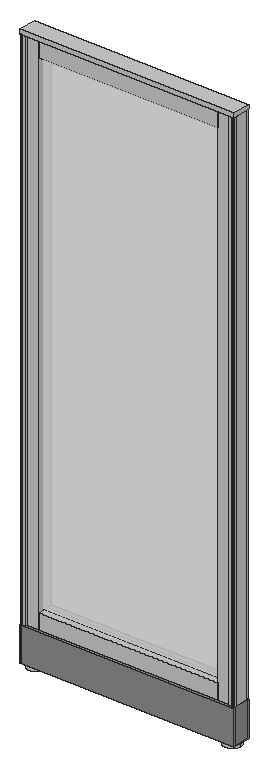
Revit family "Haworth_UniGroupToo_Panel_Glazed", category Furniture Systems, Revit 2018
Family settings
  Round Connector Dimension = Use Diameter
  Part Type = Normal
  OmniClass Number = 23.40.70.14.64.21
  OmniClass Title = Systems Furniture
  Work Plane-Based = No
  Always vertical = Yes
  Cut with Voids When Loaded = No
  Shared = No
  Room Calculation Point = No
Parameters (values of type "24w 64h")
  Width = 24"
  Warranty = "http://www.haworth.com/resources/product-info/warranties"
  URL - Product = "http://www.haworth.com/products/workspaces/panel-based/unigroup-too"
  URL = "www.haworth.com"
  Trim Finish = Haworth _ Metal _ Brushed Aluminum
  Trim Depth = 2"  # constant formula
  Top Trim Height = 1/2"  # constant formula
  Top Trim [instance] = yes
  Sustainability Info = "http://www.haworth.com/company-info/sustainability"
  Size = "Verify Final Dim. w/ Haworth"  # constant formula
  Revision Number = "2"  # constant formula
  Rail Height = Actual Height - 1/2"  # 63 1/2"
  Raceway Panel Width = Actual Width  # 24"
  Raceway Panel Height = 4"  # constant formula
  Raceway Finish = Haworth _ Paint _ Graphite
  Panel Height = Actual Height - Top Trim Height - Glide Height - Raceway Panel Height  # 59 1/8"
  Offset Front = 4 3/8"  # constant formula
  Model = "Haworth - UniGroup Too - Panel - Glazed"  # constant formula
  Glide Height = 3/8"  # constant formula
  Glazed Trim Sides = 2"  # constant formula
  Glazed Trim Inset = 1/8"  # constant formula
  Glazed Trim Height = 1 3/4"  # constant formula
  Glaze Inset = 3/4"  # constant formula
  Glass Finish = Haworth _ Glass _ Frosted
  End Cap Right [instance] = yes
  End Cap Left [instance] = yes
  Description = "Haworth - UniGroup Too - Panel - Glazed"  # constant formula
  Custom Size = not(and(or(Width = 24", Width = 30", Width = 36", Width = 42", Width = 48", Width = 60"), or(Height = 64", Height = 72", Height = 80")))  # no
  Panel Depth = 1/2"  # constant formula
  Actual Width = if(Width < Min. Width, Min. Width, if(Width > Max. Width, Max. Width, Width))  # 24"
  Actual Height = if(Height < Min. Height, Min. Height, if(Height > Max. Height, Max. Height, Height))  # 64"
  Standard Widths = "24, 30, 36, 42, 48, 60 inches"  # constant formula
  Standard Heights = "64, 72, 80 inches"  # constant formula
  Min. Width = 24"  # constant formula
  Max. Width = 60"  # constant formula
  Min. Height = 64"  # constant formula
  Max. Height = 80"  # constant formula
  Manufacturer = "Haworth"  # constant formula
  Height = 64"
  Bottom Trim Width = 3/8"  # constant formula
  Author = "Haworth (Hampton)"  # constant formula
  Assembly Code = "E2020500"
Reference planes (in)
  plane 1 "Center F/B": y = 0
  plane 2: z = 0.375
  plane 3 "Center L/R": x = 0.09607
  plane 4 "Left": x = -11.90393
  plane 5 "Right": x = 12.09607
  plane 6 "Front": y = -1
  plane 7 "Back": y = 1
  plane 8 "Raceway Top Back": z = 4.375
  plane 9 "Top of Panel": z = 63.5
  plane 10 "Top": z = 64
  plane 11 "Raceway Inside Left": y = -0.845
  plane 12 "Raceway Inside Right": y = 0.845
  plane 13 "Raceway Fillet Top": z = 4.22
  plane 14 "Raceway Fillet Left": y = -0.845
  plane 15 "Raceway Fillet Right": y = 0.845
  plane 16 "Side Rail Left": x = -11.27893
  plane 17 "Side Rail Right": x = 11.47107
  plane 18 "End Cap Left": x = -11.84143
  plane 19 "End Cap Right": x = 12.03357
  plane 20 "Glazed Trim Back": y = 0.875
  plane 21 "Glazed Trim Front": y = -0.875
  plane 22 "Glaze Front": y = -0.25
  plane 23 "Glaze Back": y = 0.25
  plane 24 "Glaze Trim Left": x = -9.90393
  plane 25 "Glaze Trim Right": x = 10.09607
  plane 26 "Glaze Trim Bottom": z = 6.125
  plane 27 "Glaze Trim Top": z = 61.75
Forms (in)
  Extrusion 1, solid, material "Haworth _ Paint _ Graphite" <- "Raceway Finish"
    sketch origin (12.09607, 0, 0) x (0, 1, 0) y (0, 0, 1)
      loop
        line (-1, 0.375) -> (1, 0.375) -> (1, 4.22) -> (0.845, 4.375) -> (0.845, 4.31641) -> (0.94141, 4.22) -> (0.94141, 0.43359) -> (-0.94141, 0.43359) -> (-0.94141, 4.22) -> (-0.845, 4.31641) -> (-0.845, 4.375) -> (-1, 4.22) -> (-1, 0.375)
    from -24 to 0
  Extrusion 2, solid, material "Haworth _ Metal _ Brushed Aluminum" <- "Trim Finish", visible <- "Top Trim"
    sketch origin (0.09607, 0, 0) x (0, 1, 0) y (0, 0, 1)
      loop
        line (-1, 64) -> (-1, 63.5) -> (1, 63.5) -> (1, 64) -> (-1, 64)
    from -12 to 12
  Extrusion 3, solid, material "Haworth _ Paint _ Graphite" <- "Raceway Finish", visible <- "End Cap Left"
    sketch origin (0.09607, 0, 0) x (0, 1, 0) y (0, 0, 1)
      loop
        line (-0.94141, 4.22) -> (-0.94141, 0.43359) -> (0.94141, 0.43359) -> (0.94141, 4.22) -> (0.845, 4.31641) -> (-0.845, 4.31641) -> (-0.94141, 4.22)
    from -12 to -11.9375
  Extrusion 4, solid, material "Haworth _ Paint _ Graphite" <- "Raceway Finish", visible <- "End Cap Right"
    sketch origin (0.09607, 0, 0) x (0, 1, 0) y (0, 0, -1)
      loop
        line (-0.94141, -4.22) -> (-0.845, -4.31641) -> (0.845, -4.31641) -> (0.94141, -4.22) -> (0.94141, -0.43359) -> (-0.94141, -0.43359) -> (-0.94141, -4.22)
    from -12 to -11.9375
  Extrusion 5, solid, material "Haworth _ Metal _ Brushed Aluminum" <- "Trim Finish"
    sketch origin (0, -1, 0) x (-1, 0, 0) y (0, 0, 1)
      loop
        line (11.27893, 63.5) -> (9.90393, 63.5) -> (9.90393, 4.375) -> (11.27893, 4.375) -> (11.27893, 63.5)
      loop
        line (-10.09607, 4.375) -> (-10.09607, 63.5) -> (-11.47107, 63.5) -> (-11.47107, 4.375) -> (-10.09607, 4.375)
    from 0.125 to 1.875
  Extrusion 6, solid, material "Haworth _ Metal _ Brushed Aluminum" <- "Trim Finish"
    sketch origin (0, -1, 0) x (-1, 0, 0) y (0, 0, 1)
      loop
        line (9.90393, 63.5) -> (-10.09607, 63.5) -> (-10.09607, 61.75) -> (9.90393, 61.75) -> (9.90393, 63.5)
      loop
        line (9.90393, 6.125) -> (-10.09607, 6.125) -> (-10.09607, 4.375) -> (9.90393, 4.375) -> (9.90393, 6.125)
    from 0.125 to 1.875
  Extrusion 7, solid, material "Haworth _ Glass _ Frosted" <- "Glass Finish"
    sketch origin (0, 0, 0) x (1, 0, 0) y (0, 0, 1)
      loop
        line (-9.90393, 61.75) -> (-9.90393, 6.125) -> (10.09607, 6.125) -> (10.09607, 61.75) -> (-9.90393, 61.75)
    from -0.25 to 0.25
Lines and regions (in)
  Masking region 1
    outline origin (0, 0, 0) x (1, 0, 0) y (0, 1, 0)
      loop
        line (-11.90393, 1) -> (-11.90393, -1) -> (12.09607, -1) -> (12.09607, 1) -> (-11.90393, 1)
  symbolic lines, style "Haworth", detail levels fine
    curve 1: line (-9.90393, 0, 0) -> (10.09607, 0, 0)
Dimensions and locks (in)
  equal spacing: plane 4 "Left", plane 3 "Center L/R", plane 5 "Right"
  "Actual Width": plane 4 "Left" to plane 5 "Right"
  "Actual Height": plane 10 "Top" to level
  equal spacing: plane 7 "Back", plane 1 "Center F/B", plane 6 "Front"
  "Trim Depth": plane 7 "Back" to plane 6 "Front"
  locked: plane 4 "Left" to nested 2 at 1
  locked: nested 1 to plane 5 "Right" at 1
  "Raceway Panel Height": plane 8 "Raceway Top Back" to plane 2
  "Glide Height": plane 2 to level
  locked: plane 16 "Side Rail Left" to plane 4 "Left" at 0.625
  locked: plane 5 "Right" to plane 17 "Side Rail Right" at 0.625
  "Top Trim Height": plane 10 "Top" to plane 9 "Top of Panel"
  locked: plane 5 "Right" to plane 19 "End Cap Right" at 0.0625
  locked: plane 18 "End Cap Left" to plane 4 "Left" at 0.0625
  "Glazed Trim Inset": plane 7 "Back" to plane 20 "Glazed Trim Back"
  "Glazed Trim Inset": plane 21 "Glazed Trim Front" to plane 6 "Front"
  "Glaze Inset": plane 7 "Back" to plane 23 "Glaze Back"
  "Glaze Inset": plane 22 "Glaze Front" to plane 6 "Front"
  "Glazed Trim Height": plane 9 "Top of Panel" to plane 27 "Glaze Trim Top"
  "Glazed Trim Height": plane 26 "Glaze Trim Bottom" to plane 8 "Raceway Top Back"
  "Glazed Trim Sides": plane 24 "Glaze Trim Left" to plane 4 "Left"
  "Glazed Trim Sides": plane 5 "Right" to plane 25 "Glaze Trim Right"
  aligned and locked: plane 2 to Extrusion 1 sketch curve
  aligned and locked: Extrusion 1 sketch curve to plane 7 "Back"
  aligned and locked: Extrusion 1 to plane 4 "Left"
  aligned and locked: plane 5 "Right" to Extrusion 1
  aligned and locked: plane 5 "Right" to nested 3
  aligned and locked: nested 3 to plane 1 "Center F/B"
  aligned and locked: plane 4 "Left" to nested 4
  aligned and locked: plane 1 "Center F/B" to nested 4
  aligned and locked: plane 11 "Raceway Inside Left" to Extrusion 1
  aligned and locked: plane 12 "Raceway Inside Right" to Extrusion 1
  aligned and locked: plane 6 "Front" to Extrusion 2 sketch curve
  aligned and locked: Extrusion 2 sketch curve to plane 7 "Back"
  aligned and locked: Extrusion 2 sketch curve to plane 10 "Top"
  aligned and locked: plane 9 "Top of Panel" to Extrusion 2 sketch curve
  aligned and locked: plane 5 "Right" to Extrusion 2
  aligned and locked: Extrusion 2 to plane 4 "Left"
  aligned and locked: Extrusion 3 to plane 4 "Left"
  aligned and locked: Extrusion 3 to plane 18 "End Cap Left"
  aligned and locked: plane 5 "Right" to Extrusion 4
  aligned and locked: Extrusion 4 to plane 19 "End Cap Right"
  aligned and locked: Extrusion 5 sketch curve to nested 4
  aligned and locked: plane 24 "Glaze Trim Left" to Extrusion 5 sketch curve
  aligned and locked: plane 8 "Raceway Top Back" to Extrusion 5 sketch curve
  aligned and locked: Extrusion 5 sketch curve to plane 8 "Raceway Top Back"
  aligned and locked: Extrusion 5 sketch curve to plane 25 "Glaze Trim Right"
  aligned and locked: Extrusion 5 sketch curve to plane 17 "Side Rail Right"
  aligned and locked: Extrusion 5 sketch curve to plane 9 "Top of Panel"
  aligned and locked: plane 9 "Top of Panel" to Extrusion 5 sketch curve
  aligned and locked: plane 21 "Glazed Trim Front" to Extrusion 5
  aligned and locked: plane 20 "Glazed Trim Back" to Extrusion 5
  aligned and locked: Extrusion 6 sketch curve to plane 25 "Glaze Trim Right"  (x2)
  aligned and locked: plane 8 "Raceway Top Back" to Extrusion 6 sketch curve
  aligned and locked: Extrusion 6 sketch curve to plane 26 "Glaze Trim Bottom"
  aligned and locked: Extrusion 6 sketch curve to plane 24 "Glaze Trim Left"  (x2)
  aligned and locked: Extrusion 6 sketch curve to plane 9 "Top of Panel"
  aligned and locked: plane 27 "Glaze Trim Top" to Extrusion 6 sketch curve
  aligned and locked: plane 26 "Glaze Trim Bottom" to Extrusion 7 sketch curve
  aligned and locked: Extrusion 7 sketch curve to plane 25 "Glaze Trim Right"
  aligned and locked: Extrusion 7 sketch curve to plane 24 "Glaze Trim Left"
  aligned and locked: Extrusion 7 sketch curve to plane 27 "Glaze Trim Top"
  aligned and locked: plane 23 "Glaze Back" to Extrusion 7
  aligned and locked: plane 22 "Glaze Front" to Extrusion 7
  aligned and locked: plane 20 "Glazed Trim Back" to Extrusion 6
  aligned and locked: plane 21 "Glazed Trim Front" to Extrusion 6
Automatic sketch dimensions
  Masking region 1 sketch curve to plane 4 "Left" = 0"
  Masking region 1 sketch curve to plane 5 "Right" = 0"
  Masking region 1 sketch curve to plane 6 "Front" = 0"
  Masking region 1 sketch curve to plane 7 "Back" = 0"
  Extrusion 1 sketch curve to plane 6 "Front" = 0"
  Extrusion 1 sketch curve to plane 13 "Raceway Fillet Top" = 0"  (x4)
  Extrusion 1 sketch curve to plane 11 "Raceway Inside Left" = 0"
  Extrusion 1 sketch curve to plane 12 "Raceway Inside Right" = 0"
  Extrusion 1 sketch curve to plane 8 "Raceway Top Back" = 0"  (x2)
  plane 6 "Front" to Extrusion 1 sketch curve = 15/256"
  Extrusion 1 sketch curve to plane 7 "Back" = 15/256"
  plane 2 to Extrusion 1 sketch curve = 15/256"
  Extrusion 1 sketch curve to plane 8 "Raceway Top Back" = 15/256"  (x2)
  Extrusion 3 sketch curve to plane 11 "Raceway Inside Left" = 0"
  Extrusion 3 sketch curve to plane 12 "Raceway Inside Right" = 0"
  plane 6 "Front" to Extrusion 3 sketch curve = 15/256"
  Extrusion 3 sketch curve to plane 7 "Back" = 15/256"
  plane 2 to Extrusion 3 sketch curve = 15/256"
  Extrusion 3 sketch curve to plane 8 "Raceway Top Back" = 0.155"  (x2)
  Extrusion 3 sketch curve to plane 8 "Raceway Top Back" = 15/256"
  Extrusion 4 sketch curve to plane 11 "Raceway Inside Left" = 0"
  Extrusion 4 sketch curve to plane 12 "Raceway Inside Right" = 0"
  plane 6 "Front" to Extrusion 4 sketch curve = 15/256"
  Extrusion 4 sketch curve to plane 7 "Back" = 15/256"
  Extrusion 4 sketch curve to plane 8 "Raceway Top Back" = 15/256"
  Extrusion 4 sketch curve to Extrusion 4 sketch curve = 0.09641"  (x2)
  plane 2 to Extrusion 4 sketch curve = 15/256"
  plane 1 "Center F/B" to curve 1 = 0"
  curve 1 to plane 24 "Glaze Trim Left" = 0"
  curve 1 to plane 25 "Glaze Trim Right" = 0"
Nested families (in)
  nested 1: "Haworth_UniGroup_Too-Glide-Part" at (8.22107, 0, 0), type "Glide"
  nested 2: "Haworth_UniGroup_Too-Glide-Part" at (-13.77893, 0, 0), type "Glide"
  nested 3: "Haworth_UniGroup_Too-Rail-Part" at (14.47107, 0, 0) x (-1, 0, 0) z (0, 0, 1), Actual Height <- "Rail Height", type "Rail"
    with Actual Height 63 1/2"
  nested 4: "Haworth_UniGroup_Too-Rail-Part" at (-14.27893, 0, 0), Actual Height <- "Rail Height", type "Rail"
    with Actual Height 63 1/2"
Definition of nested family "Haworth_UniGroup_Too-Glide-Part"
  Parameters
    Warranty = ""
    URL - Product = ""
    URL = "www.haworth.com"
    Sustainability Info = ""
    Description = ""
    Size = "Verify Final Dim. w/ Haworth"  # constant formula
    Revision Number = "1"  # constant formula
    Material Options = ""
    Manufacturer = "Haworth"  # constant formula
    LEED Data = ""
    Trim Finish = none
    Author = "Haworth (Hampton)"  # constant formula
    Assembly Code = ""
  Reference planes (in)
    plane 1 "Center F/B": y = 0
    plane 2: z = 0.375
    plane 3 "Center": x = 2.875
  Forms (in)
    Extrusion 1, solid, material <- "Trim Finish"
      sketch origin (0, 0, 0) x (1, 0, 0) y (0, 1, 0)
        loop
          circle (2.875, 0) r 0.9375
      from 0 to 0.375
  Dimensions and locks (in)
    aligned and locked: plane 2 to Extrusion 1
Definition of nested family "Haworth_UniGroup_Too-Rail-Part"
  Parameters
    Warranty = ""
    URL - Product = ""
    URL = "www.haworth.com"
    Trim Width = 5/8"  # constant formula
    Raceway Height = 4 3/8"
    Description = ""
    Size = "Verify Final Dim. w/ Haworth"  # constant formula
    Revision Number = "1"  # constant formula
    Material Options = ""
    Manufacturer = "Haworth"  # constant formula
    Trim Finish = none
    Author = "Haworth (Hampton)"  # constant formula
    Assembly Code = ""
    Actual Height [instance] = 64"
    Actual Depth = 2"  # constant formula
  Reference planes (in)
    plane 1 "Center F/B": y = 0
    plane 2: z = 0
    plane 3 "Back": y = 1
    plane 4 "Front": y = -1
    plane 5 "Right": x = 3
    plane 6 "Top": z = 64
    plane 7 "Left": x = 2.375
    plane 8 "Rail Bottom": z = 4.375
  Forms (in)
    Extrusion 1, solid, material <- "Trim Finish"
      sketch origin (-1.5, 0, 0) x (1, 0, 0) y (0, 1, 0)
        loop
          line (3.875, -0.65267) -> (3.9405, -0.65267) -> (3.9405, -0.77368) -> (3.875, -0.77368) -> (3.875, -0.9345) -> (3.9405, -1) -> (4.06492, -1) -> (4.06492, -0.64262) -> (4.18979, -0.64262) -> (4.18979, -1) -> (4.5, -1) -> (4.5, 1) -> (4.18979, 1) -> (4.18979, 0.64262) -> (4.06492, 0.64262) -> (4.06492, 1) -> (3.9405, 1) -> (3.875, 0.9345) -> (3.875, 0.77368) -> (3.9405, 0.77368) -> (3.9405, 0.65267) -> (3.875, 0.65267) -> (3.875, -0.65267)
      from 4.375 to 64
  Lines and regions (in)
    Masking region 1, detail levels medium+fine
      outline origin (0, 0, 0) x (1, 0, 0) y (0, 1, 0)
        loop
          line (2.375, 1) -> (2.375, -1) -> (3, -1) -> (3, 1) -> (2.375, 1)
  Dimensions and locks (in)
    equal spacing: plane 3 "Back", plane 1 "Center F/B", plane 4 "Front"
    "Actual Depth": plane 3 "Back" to plane 4 "Front"
    "Actual Height": plane 6 "Top" to level
    "Trim Width": plane 7 "Left" to plane 5 "Right"
    "Raceway Height": plane 8 "Rail Bottom" to plane 2
    aligned and locked: plane 4 "Front" to Extrusion 1 sketch curve
    aligned: Extrusion 1 sketch curve to plane 5 "Right"
    aligned: plane 6 "Top" to Extrusion 1  (x4)
    aligned and locked: plane 5 "Right" to Extrusion 1
    aligned and locked: Extrusion 1 sketch curve to plane 7 "Left"
    aligned: Extrusion 1 to plane 2
    aligned and locked: plane 6 "Top" to Extrusion 1
    aligned and locked: level to plane 2
    aligned and locked: Extrusion 1 to plane 8 "Rail Bottom"
    aligned and locked: Masking region 1 sketch curve to plane 5 "Right"
    aligned and locked: Masking region 1 sketch curve to plane 3 "Back"
    aligned and locked: Masking region 1 sketch curve to plane 7 "Left"
    aligned and locked: plane 4 "Front" to Masking region 1 sketch curve
  Automatic sketch dimensions
    Extrusion 1 sketch curve to plane 7 "Left" = 0"  (x2)
    Extrusion 1 sketch curve to plane 3 "Back" = 0"  (x2)
    Extrusion 1 sketch curve to plane 4 "Front" = 0"
    Extrusion 1 sketch curve to plane 7 "Left" = 0.0655"  (x4)
    Extrusion 1 sketch curve to Extrusion 1 sketch curve = 0.12441"  (x2)
    Extrusion 1 sketch curve to Extrusion 1 sketch curve = 0.12488"  (x2)
    Extrusion 1 sketch curve to Extrusion 1 sketch curve = 0.16082"
    Extrusion 1 sketch curve to Extrusion 1 sketch curve = 0.12101"  (x2)
    Extrusion 1 sketch curve to Extrusion 1 sketch curve = 0.01005"  (x2)
    Extrusion 1 sketch curve to plane 3 "Back" = 0.35738"
    Extrusion 1 sketch curve to plane 3 "Back" = 0.0655"
    plane 4 "Front" to Extrusion 1 sketch curve = 0.0655"
